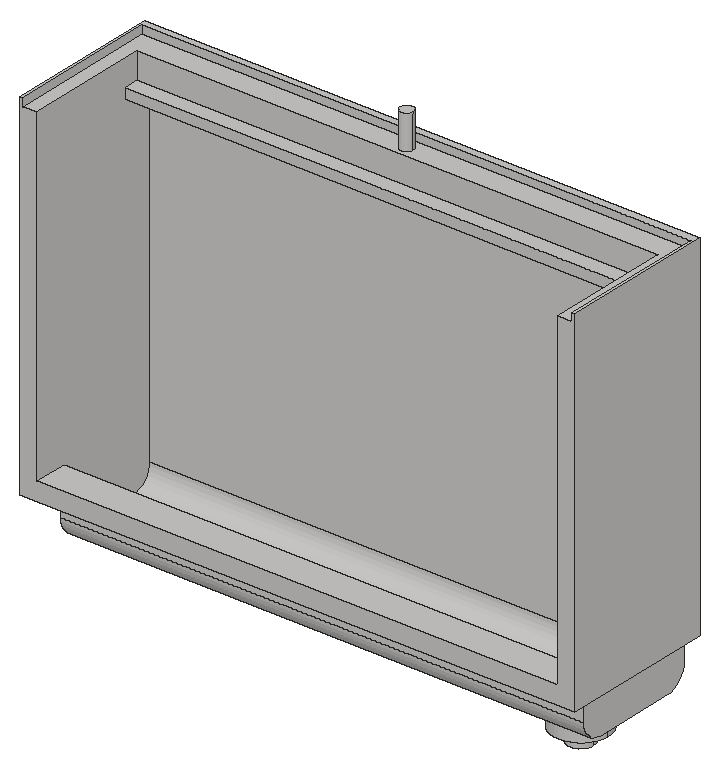
Revit family
Parameters (values of type "1065 X 300")
  Waste Connection Radius = Waste Connection Diameter / 2  # 25 mm
  Waste Connection Diameter = 50 mm
  Waste Connection = 1 = 1  # yes
  WFU = 0
  Vent Connection = 1 = 0  # no
  URL = "http://www.autospec.co.za/browse.php?id=1644179284"
  Product Code = "None"
  OmniClass Title = ""
  OmniClass Number = ""
  Modspec Classification = ""
  Specification = ""
  Location (revit room) = ""
  Material = Stainless Steel Grade 304
  Inlet Pipe Radius = Inlet Pipe Diameter / 2  # 12.5 mm
  Inlet Pipe Diameter = 25 mm
  Height = 780 mm
  HW Connection = 1 = 0  # no
  Description = ""
  Depth = 300 mm
  Default Elevation = 0 mm
  Colour = none
  CWFU = 0
  CW Connection = 1 = 1  # yes
  Body Finish = none
  Width = 1065 mm
  Model = "Trough Urinal KTU-1065 X 300"
  Manufacturer = "Kwikot"  # constant formula
  Assembly Code = "D2010210"
Types (8, lengths in mm): name | Waste Connection Radius | Waste Connection Diameter | Width | Model
  (no name) | 25 | 50 | 1065 | "Trough Urinal KTU-1065 X 300"
  1830 X 300 | 20 | 40 | 1830 | "Trough Urinal KTU-1830 X 300"
  1675 X 300 | 25 | 50 | 1675 | "Trough Urinal KTU-1675 X 300"
  1525 X 300 | 25 | 50 | 1525 | "Trough Urinal KTU-1525 X 300"
  1370 X 300 | 25 | 50 | 1370 | "Trough Urinal KTU-1370 X 300"
  1220 X 300 | 25 | 50 | 1220 | "Trough Urinal KTU-1220 X 300"
  1065 X 300 | 25 | 50 | 1065 | "Trough Urinal KTU-1065 X 300"
  915 X 300 | 25 | 50 | 915 | "Trough Urinal KTU-915 X 300"
Reference planes
  plane 1 "Back": y = 0
  plane 2 "Bottom": z = 0
  plane 3 "Center (Left/Right)": x = 0
  plane 4 "Left": x = -532.5
  plane 5 "Right": x = 532.5
  plane 6 "Front": y = -300
  plane 7 "Top": z = 780
  plane 8: x = 502.5
  plane 9: x = -502.5
  plane 10: x = 432.5
  plane 11: y = -160
Forms (mm)
  Extrusion 1, solid, material "Stainless Steel Grade 304" <- "Material"
    sketch origin (-532.5, -491, 4000) x (0, -1, 0) y (0, 0, 1)
      loop
        line (-491, -4000) -> (-191, -4000) -> (-191, -3220) -> (-491, -3220) -> (-491, -4000)
    from 0 to -1065
  Extrusion 2, void
    sketch origin (-532.5, -491, 4000) x (0, 1, 0) y (0, 0, 1)
      loop
        line (251, -3905) -> (191, -3905) -> (191, -4030) -> (521, -4030) -> (521, -3960) -> (491, -3960)
        arc (491, -3960) -> (479.284, -3988.284) -> (451, -4000) r 40
        line (451, -4000) -> (291, -4000)
        arc (291, -4000) -> (262.716, -3988.284) -> (251, -3960) r 40
        line (251, -3960) -> (251, -3905)
    from 30 to 1035
  Extrusion 3, void
    sketch origin (-820.338, -300, 4000) x (1, 0, 0) y (0, 0, 1)
      loop
        line (317.838, -4000) -> (317.838, -3905) -> (287.838, -3905) -> (287.838, -4000) -> (317.838, -4000)
      loop
        line (1322.838, -4000) -> (1352.838, -4000) -> (1352.838, -3905) -> (1322.838, -3905) -> (1322.838, -4000)
    from 0 to -300
  Extrusion 4, void
    sketch origin (-820.338, -300, 4000) x (1, 0, 0) y (0, 0, 1)
      loop
        line (319.838, -3220) -> (319.838, -3870) -> (1320.838, -3870) -> (1320.838, -3220) -> (319.838, -3220)
    from 0 to -270
  Extrusion 5, void
    sketch origin (-532.5, -491, 4000) x (0, 1, 0) y (0, 0, 1)
      loop
        line (461, -3955) -> (461, -3870) -> (256, -3870) -> (256, -3955)
        arc (256, -3955) -> (267.716, -3983.284) -> (296, -3995) r 40
        line (296, -3995) -> (421, -3995)
        arc (421, -3995) -> (449.284, -3983.284) -> (461, -3955) r 40
    from 32 to 1033
  Extrusion 6, void
    sketch origin (-779.234, -1524, 780) x (0, -1, 0) y (-1, 0, 0)
      loop
        line (-1224, -251.734) -> (-1509, -251.734) -> (-1509, -1306.734) -> (-1224, -1306.734) -> (-1224, -251.734)
    from 0 to 15
  Extrusion 7, solid, material "Stainless Steel Grade 304" <- "Material"
    sketch origin (-532.5, -491, 4000) x (0, -1, 0) y (0, 0, 1)
      loop
        line (-461, -3235) -> (-461, -3305) -> (-401, -3305) -> (-401, -3285) -> (-431, -3285) -> (-431, -3235) -> (-461, -3235)
    from -32 to -1033
  Extrusion 8, solid, material "Stainless Steel Grade 304" <- "Material"
    sketch origin (0, 0, 0) x (1, 0, 0) y (0, 1, 0)
      loop
        circle (432.5, -160) r 35
      loop
        circle (432.5, -160) r 53
    from 5 to -25
  Extrusion 9, solid, material "Stainless Steel Grade 304"
    sketch origin (-779.234, -1524, 780) x (-1, 0, 0) y (0, -1, 0)
      loop
        circle (-779.234, -1486.5) r 12.5
    from -15 to 50
  Extrusion 10, solid, material "Stainless Steel Grade 304" <- "Material"
    sketch origin (0, 0, 0) x (1, 0, 0) y (0, 1, 0)
      loop
        circle (432.5, -160) r 25
      loop
        circle (432.5, -160) r 23
    from -25 to -50
  Extrusion 11, void
    sketch origin (0, 0, 0) x (0, 1, 0) y (1, 0, 0)
      loop
        circle (-160, 432.5) r 35
    from 0 to -5
  Extrusion 12, solid, material "Stainless Steel Grade 304" <- "Material"
    sketch origin (0, 0, -25) x (0, 1, 0) y (1, 0, 0)
      loop
        circle (-160, 432.5) r 35
      loop
        circle (-160, 432.5) r 25
    from 0 to -3
Cuts and joins
  Extrusion 2, Extrusion 3, Extrusion 4, Extrusion 5, Extrusion 6, Extrusion 11 cuts Extrusion 1
  Extrusion 11 cuts Extrusion 7
  Extrusion 11 cuts Extrusion 8
  Extrusion 11 cuts Extrusion 10
  joined: Extrusion 1, Extrusion 7, Extrusion 8, Extrusion 10, Extrusion 12
Lines and regions (mm)
  symbolic lines
    curve 1: line (-532.5, -300, 780) -> (532.5, -300, 780)
    curve 2: line (532.5, -300, 780) -> (532.5, 0, 780)
    curve 3: line (532.5, 0, 780) -> (-532.5, 0, 780)
    curve 4: line (-532.5, 0, 780) -> (-532.5, -300, 780)
    curve 5: line (527.5, -15, 780) -> (-527.5, -15, 780)
    curve 6: line (-527.5, -15, 780) -> (-527.5, -300, 780)
    curve 7: line (-500.5, -30, 780) -> (-500.5, -300, 780)
    curve 8: line (-500.5, -90, 780) -> (500.5, -90, 780)
    curve 9: line (-500.5, -60, 780) -> (500.5, -60, 780)
    curve 10: line (-500.5, -235, 780) -> (500.5, -235, 780)
    curve 11: line (500.5, -300, 780) -> (500.5, -30, 780)
    curve 12: line (500.5, -30, 780) -> (-500.5, -30, 780)
  symbolic lines, detail levels fine
    curve 13: arc (-12.5, -37.5, 780) -> (0, -50, 780) -> (12.5, -37.5, 780) r 12.5
    curve 14: arc (12.5, -37.5, 780) -> (0, -25, 780) -> (-12.5, -37.5, 780) r 12.5
    curve 15: arc (457.5, -160, -25) -> (432.5, -185, -25) -> (407.5, -160, -25) r 25
    curve 16: arc (407.5, -160, -25) -> (432.5, -135, -25) -> (457.5, -160, -25) r 25
    curve 17: arc (467.5, -160, -25) -> (432.5, -195, -25) -> (397.5, -160, -25) r 35
    curve 18: arc (397.5, -160, -25) -> (432.5, -125, -25) -> (467.5, -160, -25) r 35
Dimensions and locks
  "Height": plane 7 "Top" to plane 2 "Bottom"
  "Width": plane 4 "Left" to plane 5 "Right"
  equal spacing: plane 4 "Left", plane 3 "Center (Left/Right)", plane 5 "Right"
  "Depth": plane 1 "Back" to plane 6 "Front"
  plane 7 "Top" to Extrusion 7 = 85 mm
  locked: Extrusion 4 sketch curve to plane 5 "Right" at 32
  locked: plane 4 "Left" to Extrusion 4 sketch curve at 32
  locked: plane 4 "Left" to plane 9 at 30
  locked: plane 8 to plane 5 "Right" at 30
  cut or joined group 1 (Extrusion 1, Extrusion 2, Extrusion 3, Extrusion 4, Extrusion 5, Extrusion 6, Extrusion 7, Extrusion 8, Extrusion 10, Extrusion 11, Extrusion 12) to plane 8 = 2 mm
  Extrusion 9 sketch curve to plane 1 "Back" = 37.5 mm
  Extrusion 10 sketch curve to plane 5 "Right" = 100 mm
  Extrusion 10 sketch curve to plane 1 "Back" = 160 mm
  cut or joined group 1 to plane 6 "Front" = 60 mm
  plane 10 to plane 5 "Right" = 100 mm
  Extrusion 8 sketch curve to plane 6 "Front" = 140 mm
  plane 11 to plane 6 "Front" = 140 mm
  radius of Extrusion 8 sketch curve = 35 mm
  "Inlet Pipe Radius": radius of Extrusion 9 sketch curve
  "Waste Connection Radius": radius of Extrusion 10 sketch curve
  radius of Extrusion 2 sketch curve = 40 mm  (x2)
  aligned and locked: plane 2 "Bottom" to level
  aligned and locked: Extrusion 1 sketch curve to level
  aligned and locked: Extrusion 1 sketch curve to plane 1 "Back"
  aligned and locked: plane 7 "Top" to Extrusion 1 sketch curve
  aligned and locked: Extrusion 1 sketch curve to plane 6 "Front"
  aligned and locked: Extrusion 3 sketch curve to cut or joined group 1  (x3)
  aligned and locked: Extrusion 3 sketch curve to plane 4 "Left"
  aligned and locked: Extrusion 3 sketch curve to plane 5 "Right"
  aligned and locked: Extrusion 3 sketch curve to plane 2 "Bottom"
  aligned and locked: Extrusion 3 sketch curve to Extrusion 3 sketch curve
  aligned and locked: plane 7 "Top" to Extrusion 4 sketch curve
  aligned and locked: Extrusion 5 sketch curve to cut or joined group 1
  aligned and locked: cut or joined group 1 to Extrusion 5 sketch curve
  aligned and locked: cut or joined group 1 to Extrusion 6 sketch curve
  aligned and locked: Extrusion 7 sketch curve to cut or joined group 1  (x2)
  aligned and locked: cut or joined group 1 to Extrusion 7  (x2)
  aligned and locked: Extrusion 1 to plane 5 "Right"
  aligned and locked: Extrusion 2 to Extrusion 3
  aligned and locked: Extrusion 2 to plane 8
  aligned and locked: Extrusion 5 to Extrusion 4
  aligned and locked: plane 3 "Center (Left/Right)" to Extrusion 9 sketch curve
  aligned and locked: cut or joined group 1 to Extrusion 9
  aligned and locked: Extrusion 10 to cut or joined group 1
  aligned and locked: curve 1 to cut or joined group 1
  aligned and locked: curve 2 to cut or joined group 1
  aligned and locked: curve 3 to cut or joined group 1
  aligned and locked: curve 4 to cut or joined group 1
  aligned and locked: curve 5 to cut or joined group 1
  aligned and locked: curve 6 to cut or joined group 1
  aligned and locked: curve 7 to cut or joined group 1
  aligned and locked: curve 8 to cut or joined group 1
  aligned and locked: curve 9 to cut or joined group 1
  aligned and locked: curve 10 to cut or joined group 1
  aligned and locked: curve 11 to cut or joined group 1
  aligned and locked: curve 13 to Extrusion 9
  aligned and locked: curve 14 to Extrusion 9
  aligned and locked: plane 10 to Extrusion 10 sketch curve
  aligned and locked: Extrusion 11 sketch curve to cut or joined group 1  (x2)
  aligned and locked: Extrusion 11 to Extrusion 5
  aligned and locked: Extrusion 12 sketch curve to cut or joined group 1  (x4)
  aligned and locked: Extrusion 8 to Extrusion 5
  aligned and locked: curve 15 to cut or joined group 1
  aligned and locked: curve 16 to cut or joined group 1
  aligned and locked: curve 17 to cut or joined group 1
  aligned and locked: curve 18 to cut or joined group 1
  aligned and locked: plane 10 to Extrusion 8 sketch curve
Automatic sketch dimensions
  Extrusion 2 sketch curve to plane 6 "Front" = 0 mm
  Extrusion 2 sketch curve to level = 0 mm
  Extrusion 2 sketch curve to plane 1 "Back" = 0 mm
  plane 6 "Front" to Extrusion 2 sketch curve = 60 mm
  Extrusion 2 sketch curve to Extrusion 2 sketch curve = 30 mm
  Extrusion 2 sketch curve to level = 30 mm
  plane 1 "Back" to Extrusion 5 sketch curve = 70 mm
  plane 6 "Front" to Extrusion 5 sketch curve = 105 mm
  plane 6 "Front" to Extrusion 5 sketch curve = 65 mm
  plane 1 "Back" to Extrusion 6 sketch curve = 15 mm
  plane 5 "Right" to Extrusion 6 sketch curve = 5 mm
  Extrusion 6 sketch curve to plane 4 "Left" = 5 mm
  Extrusion 7 sketch curve to Extrusion 7 sketch curve = 30 mm  (x2)
  Extrusion 7 sketch curve to Extrusion 7 sketch curve = 50 mm
  Extrusion 7 sketch curve to Extrusion 7 sketch curve = 20 mm
  Extrusion 2 sketch curve to Extrusion 2 sketch curve = 55 mm
  Extrusion 3 sketch curve to Extrusion 3 sketch curve = 95 mm
  level to Extrusion 4 sketch curve = 130 mm
  level to Extrusion 5 sketch curve = 45 mm
  curve 1 to plane 5 "Right" = 0 mm
  curve 11 to plane 6 "Front" = 0 mm
  plane 1 "Back" to curve 4 = 0 mm
  curve 4 to plane 4 "Left" = 0 mm
  plane 5 "Right" to curve 5 = 5 mm
  plane 8 to curve 12 = 2 mm
  curve 7 to plane 9 = 2 mm
  curve 6 to plane 4 "Left" = 5 mm
  plane 1 "Back" to curve 6 = 15 mm
  plane 1 "Back" to curve 11 = 30 mm
  curve 7 to curve 9 = 30 mm
  curve 9 to curve 8 = 30 mm
  plane 6 "Front" to curve 10 = 65 mm
  Extrusion 8 sketch curve to plane 10 = 0 mm
  Extrusion 10 sketch curve to plane 11 = 0 mm
  Extrusion 8 sketch curve to Extrusion 8 sketch curve = 0 mm
  radius of Extrusion 10 sketch curve = 23 mm
  radius of Extrusion 8 sketch curve = 53 mm
Connectors
  piping at (432.5, -160, -50), driven by "Waste Connection Radius", driven by "WFU"
    settings: on cut or joined group 1, index 1, connector radius 25 mm, flow factor 0, pipe flow 0.0 L/s, pressure drop 0.0 Pa, fitting loss kfactor 0, connector angle 0.00°, fixture units 0, flow configuration 3, flow direction 2, fitting loss method 0, system type 16, connector reference index -1, connector utility 0, adjustable connector no, is connector primary no, fitting loss table "", connector description ""
  piping at (0, -37.5, 830), driven by "Inlet Pipe Radius", driven by "CWFU"
    settings: on Extrusion 9, index 2, connector radius 12.5 mm, flow factor 0, pipe flow 0.0 L/s, pressure drop 0.0 Pa, fitting loss kfactor 0, connector angle 0.00°, fixture units 0, flow configuration 3, flow direction 1, fitting loss method 0, system type 20, connector reference index -1, connector utility 0, adjustable connector no, is connector primary yes, fitting loss table "", connector description ""
